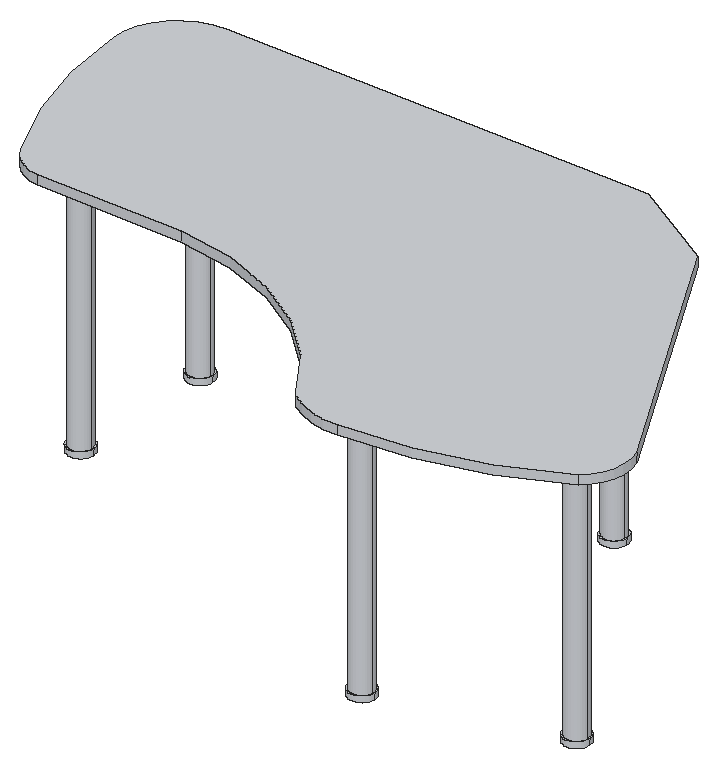
Revit family
Parameters (values of type "2000 x 1200")
  Table Material = none
  Model = "Corner table"
  Manufacturer = "Revit"
  Leg Material = none
  Description = "Desk"
  Assembly Code = "E2020200"
Reference planes
  plane 1 "Center (Front/Back)": y = 0
  plane 2: z = 0
  plane 3 "Center (Left/Right)": x = 0
  plane 4: y = -188.822
  plane 5: y = 218.482
  plane 6: y = -643.464
  plane 7: x = 844.996
  plane 8: x = -769.669
  plane 9: x = 362.091
  plane 10: y = -513.291
Forms (mm)
  Extrusion 1, solid, material <- "Table Material"
    sketch origin (0, 0, 0) x (1, 0, 0) y (0, 1, 0)
      loop
        arc (-869.276, 431.646) -> (-989.112, 379.662) -> (-1033.032, 256.641) r 164.118
        arc (-1033.032, 256.641) -> (-986.395, -5.272) -> (-883.808, -250.729) r 1213.547
        arc (-883.808, -250.729) -> (-842.423, -296.371) -> (-784.659, -317.8) r 129.846
        line (-784.659, -317.8) -> (-393.898, -317.8)
        arc (-393.898, -317.8) -> (-29.372, -432.137) -> (234.181, -708.709) r 763.785
        arc (234.181, -708.709) -> (240.263, -717.4) -> (247.98, -724.677) r 52.05
        arc (247.98, -724.677) -> (317.541, -759.796) -> (395.115, -767.16) r 210.182
        arc (395.115, -767.16) -> (672.658, -724.1) -> (931.684, -615.521) r 1158.579
        arc (931.684, -615.521) -> (975.03, -545.799) -> (969.593, -463.882) r 134.036
        line (969.593, -463.882) -> (537.517, 284.496) -> (282.645, 431.646) -> (-869.276, 431.646)
    from 700 to 725
Lines and regions (mm)
  symbolic lines
    curve 1: line (-869.276, 431.646, 0) -> (282.645, 431.646, 0)
    curve 2: line (282.645, 431.646, 0) -> (537.517, 284.496, 0)
    curve 3: line (537.517, 284.496, 0) -> (969.593, -463.882, 0)
    curve 4: arc (969.593, -463.882, 0) -> (975.03, -545.799, 0) -> (931.684, -615.521, 0) r 134.036
    curve 5: arc (931.684, -615.521, 0) -> (672.658, -724.1, 0) -> (395.115, -767.16, 0) r 1158.579
    curve 6: arc (395.115, -767.16, 0) -> (317.541, -759.796, 0) -> (247.98, -724.677, 0) r 210.182
    curve 7: arc (247.98, -724.677, 0) -> (240.263, -717.4, 0) -> (234.181, -708.709, 0) r 52.05
    curve 8: arc (234.181, -708.709, 0) -> (-29.372, -432.137, 0) -> (-393.898, -317.8, 0) r 763.785
    curve 9: line (-393.898, -317.8, 0) -> (-784.659, -317.8, 0)
    curve 10: arc (-784.659, -317.8, 0) -> (-842.423, -296.371, 0) -> (-883.808, -250.729, 0) r 129.846
    curve 11: arc (-883.808, -250.729, 0) -> (-986.395, -5.272, 0) -> (-1033.032, 256.641, 0) r 1213.547
    curve 12: arc (-1033.032, 256.641, 0) -> (-989.112, 379.662, 0) -> (-869.276, 431.646, 0) r 164.118
Dimensions and locks
  aligned and locked: Extrusion 1 to nested 1
Nested families
  nested 1: "Leg" at (-769.669, -188.822, 0), type "Height 700mm"
  nested 2: "Leg" at (844.996, -513.291, 0) x (-1, 0, 0) z (0, 0, 1), type "Height 700mm"
  nested 3: "Leg" at (-769.669, 218.482, 0) x (-1, 0, 0) z (0, 0, 1), type "Height 700mm"
  nested 4: "Leg" at (362.091, 218.482, 0) x (-1, 0, 0) z (0, 0, 1), type "Height 700mm"
  nested 5: "Leg" at (362.091, -643.464, 0) x (-1, 0, 0) z (0, 0, 1), type "Height 700mm"
Definition of nested family "Leg"
  Parameters (values of type "Height 700mm")
    Model = "Abacus"
    Manufacturer = "LM"
    Leg Material = none
    Description = "Table Leg"
    Assembly Code = "E2020200"
  Reference planes
    plane 1 "Center (Front/Back)": y = 0
    plane 2: z = 0
    plane 3 "Center (Left/Right)": x = 0
  Forms (mm)
    Revolve 1, solid, material <- "Leg Material"
      sketch origin (0, 0, 0) x (1, 0, 0) y (0, 0, 1)
        loop
          line (0, 15) -> (0, 700) -> (-43, 700) -> (-33, 650) -> (-30, 650) -> (-30, 15) -> (0, 15)
        axis (0, 15) -> (0, 700)
      angle from 0 to 360
    Extrusion 2, solid, material <- "Leg Material"
      sketch origin (0, 0, 0) x (1, 0, 0) y (0, 1, 0)
        loop
          circle (0, 0) r 35
      from 0 to 15
  Dimensions and locks
    aligned and locked: plane 3 "Center (Left/Right)" to Revolve 1 sketch curve
    aligned and locked: Revolve 1 to Extrusion 2
